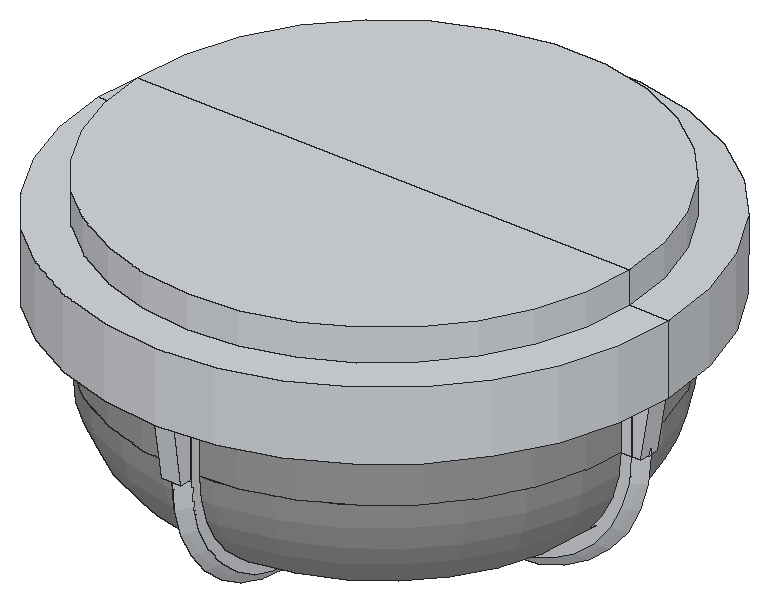
Revit family "O10-S290-E LED 500 AC 830 WH", category Lighting Fixtures, Revit 2016
Family settings
  Part Type = Normal
  Round Connector Dimension = Use Diameter
  OmniClass Number = 23.80.70.00
  OmniClass Title = Lighting
  Work Plane-Based = No
  Always vertical = Yes
  Cut with Voids When Loaded = No
  Light Source = Yes
  Shared = No
  Room Calculation Point = No
Parameters
  Wiring Accessories = ""
  Wattage Comments = ""
  Wattage = 12 W
  VoltageMax = 240 V
  built-in parameter 1150110 = 1 (stored number, unit not read)
  Voltage = 220 V
  UpdateDate = "05.02.2018 18:30:03"
  URL UK = "http://glamox.com/uk/products/O10-S290/items/O10313200"
  URL Sweden = "http://glamox.com/se/produkter/O10-S290/items/O10313200"
  URL Russia = "http://glamox.com/ru/products/O10-S290/items/O10313200"
  URL Other = "http://glamox.com/gsx/products/O10-S290/items/O10313200"
  URL Norway = "http://glamox.com/no/produkter/O10-S290/items/O10313200"
  URL Ireland = "http://glamox.com/ie/products/O10-S290/items/O10313200"
  URL Germany = "http://glamox.com/de/products/O10-S290/items/O10313200"
  URL Finland = "http://glamox.com/fi/products/O10-S290/items/O10313200"
  URL Estonia = "http://glamox.com/ee/products/O10-S290/items/O10313200"
  URL Denmark = "http://glamox.com/dk/produkter/O10-S290/items/O10313200"
  URL = ""
  TypeOfEmergency = ""
  TypeOfBallast = ""
  TotalWattage = 12 W
  Total Load = 12 W
  built-in parameter 1114217 = 1 (stored number, unit not read)
  Top Radius = Radius - 32.5 mm  # 112.5 mm
  Tilt Angle = 90.00°
  Termination = "5x2x2,5 PI"
  built-in parameter 1150109 = 1 (stored number, unit not read)
  built-in parameter 1150134 = (empty or 0)
  built-in parameter 1150113 = 1 (stored number, unit not read)
  Specification = "Outdoor product, in Aluminium, for Surface/Wall mounting, impact classification IK10, IP66, light source LED, lumen out 437lm, ballast type AC, with light source type CRI>80, 3000K, with Polycarbonate diffuser."
  Remark = ""
  RatedVoltage = 220 V
  PowerFactor = 98.00%
  Power Factor = 0.98
  Plug Type = ""
  Photometric Web File = "O10-S290-E-LED-500-830.ies"
  Optic = ""
  Number of Poles = 1
  NominalFrequencyRange = 50 Hz
  ModelReference = "O10-S290"
  ModelLabel = "O10-S290-E LED 500 AC 830 WH"
  Maximum TA = 40
  MaintenanceFactor = 0
  MFArtNo = "O10313200"
  LumDiameter = Diameter  # 290 mm
  Load Classification [instance] = Lighting
  Model = ""
  Manufacturer = "Glamox"
  Lumens = 437 lm
  built-in parameter 1150115 = 1 (stored number, unit not read)
  built-in parameter 1150105 = 34.775 (stored number, unit not read)
  LightFixturePlacingType = "CEILING"
  LightFixtureMountingType = "SURFACE"
  built-in parameter 1150137 = (empty or 0)
  built-in parameter 1150139 = (empty or 0)
  LampBase = ""
  Lamp Wattage Comments = ""
  built-in parameter 1150112 = 1 (stored number, unit not read)
  built-in parameter 1150114 = 1 (stored number, unit not read)
  Lamp = "LED"
  built-in parameter 1150132 = 2
  built-in parameter 1150102 = (empty or 0)
  built-in parameter 1150138 = (empty or 0)
  built-in parameter 1150107 = 3000 (stored number, unit not read)
  built-in parameter 1150106 = 0.34775 (stored number, unit not read)
  IP_Code = "66"
  IPClass = "66"
  IK_Code = ""
  IFC Classification = "Light Fixture"
  Height = 149 mm
  GlobalTradeItemNumber = "4741145295857"
  Glamox Mounting = "Surface"
  Glamox Family = "O10-S290"
  Glamox Category = "Outdoor"
  FrequencyMax = 60 Hz
  Frequency = 50 Hz
  Expired = "0"
  Emit from Circle Diameter = LumDiameter  # 290 mm
  Emit Shape Visible in Rendering = yes
  built-in parameter 1150104 = 3.3832 (stored number, unit not read)
  ELNo Norway = ""
  ELNo Finland = ""
  EANNo = "4741145295857"
  DurationInBatteryMode = ""
  Dimming Lamp Color Temperature Shift = Incandescent Lamp Curve
  Diameter = 290 mm
  Description = "O10-S290-E LED 500 AC 830 WH"
  Cut Out = ""
  Completion = ""
  Color Filter = 16777215
  Radius = Diameter / 2  # 145 mm
  Body Material and Colour = Default
  built-in parameter 1114218 = 1 (stored number, unit not read)
  built-in parameter 1150133 = 10 (stored number, unit not read)
  Assembly Code = ""
  ArticleNumber = "O10313200"
  Apparent Load = Total Load / Power Factor  # 12.2449 VA
  #Ballast = 1
  # ballast on a MCB16 type C fuse = "176"
  # ballast on a MCB16 type B fuse = "130"
Reference planes
  plane 1 "Light Source Axis (F/B)": y = 119.961
  plane 2: z = 0
  plane 3 "Light Source Axis (L/R)": x = 0
  plane 4 "Light Source Elevation": z = -150.079
  plane 5: z = -150.079
  plane 6: x = 145
  plane 7: x = 125
  plane 8: x = 0
  plane 9: y = 0.31
Forms (mm)
  Extrusion 1, solid, material "Default" <- "Body Material and Colour", not visible
    sketch origin (-13.045, 0, -1.079) x (1, 0, 0) y (0, 1, 0)
      loop
        circle (0, 119.961) r 10
    from -1.079 to 0
  Revolve 2, solid
    sketch origin (0, 0, -1.079) x (-1, 0, 0) y (0, 0, -1)
      loop
        arc (-66, 140.079) -> (-107.719, 122.798) -> (-125, 81.079) r 59
        line (-125, 81.079) -> (-125, 51.079) -> (-125, 48.126) -> (-140, 48.126) -> (-140, 51.079) -> (-145, 51.079) -> (-145, 16.079) -> (-125, 16.079) -> (-125, 0) -> (0, 0) -> (0, 140.079) -> (-66, 140.079)
      axis (0, 140.079) -> (0, 0)
    angle from 0 to 360
  Extrusion 3, solid
    sketch origin (0, 0, -1.079) x (-1, 0, 0) y (0, 0, -1)
      loop
        line (-140, 51.079) -> (-125, 51.079) -> (-125, 81.079) -> (-134.828, 81.079) -> (-140, 51.079)
    from -5 to 5
  Extrusion 4, solid
    sketch origin (0, 0, -1.079) x (1, 0, 0) y (0, 0, 1)
      loop
        line (-140, -51.079) -> (-134.916, -81.079) -> (-125, -81.079) -> (-125, -51.079) -> (-140, -51.079)
    from -5 to 5
  Extrusion 5, solid
    sketch origin (0, 0, -1.079) x (0, 1, 0) y (0, 0, -1)
      loop
        line (140, 51.079) -> (135.076, 81.079) -> (125.456, 81.079) -> (125.456, 51.079) -> (140, 51.079)
    from -5.31 to 4.69
  Extrusion 6, solid
    sketch origin (0, 0, -1.079) x (0, -1, 0) y (0, 0, 1)
      loop
        line (140, -51.079) -> (125, -51.079) -> (125, -81.079) -> (135.095, -81.079) -> (140, -51.079)
    from -5 to 5
  Sweep 7, solid
    path origin (0, 0, -1.079) x (-1, 0, 0) y (0, 0, -1)
      loop
        line (-130, 51.079) -> (-130, 81.079)
        arc (-130, 81.079) -> (-110.962, 127.041) -> (-65, 146.079) r 65
        line (-65, 146.079) -> (0, 146.079) -> (64.958, 146.079)
        arc (64.958, 146.079) -> (110.92, 127.041) -> (129.958, 81.079) r 65
        line (129.958, 81.079) -> (129.958, 51.079)
    profile origin (110.962, 0, -128.12) x (0.707107, 0, -0.707107) y (0, -1, 0)
      loop
        line (-5.707, 5) -> (-5.707, -5) -> (0, -5)
        arc (0, -5) -> (3.052, -2.976) -> (5.564, -0.31) r 16
        arc (5.564, -0.31) -> (3.133, 2.528) -> (0.33, 5) r 26.787
        line (0.33, 5) -> (-5.707, 5)
  Sweep 8, solid
    path origin (0.31, 1.234, -1.491) x (0, -1, 0) y (0, 0, -1)
      loop
        line (-130, 51.079) -> (-130, 81.079)
        arc (-130, 81.079) -> (-110.962, 127.041) -> (-65, 146.079) r 65
        line (-65, 146.079) -> (0, 146.079) -> (64.958, 146.079)
        arc (64.958, 146.079) -> (110.92, 127.041) -> (129.958, 81.079) r 65
        line (129.958, 81.079) -> (129.958, 50.667)
    profile origin (0.31, 112.196, -128.532) x (0, 0.707107, -0.707107) y (1, 0, 0)
      loop
        line (-5.707, 5) -> (-5.707, -5) -> (0, -5)
        arc (0, -5) -> (3.052, -2.976) -> (5.564, -0.31) r 16
        arc (5.564, -0.31) -> (3.133, 2.528) -> (0.33, 5) r 26.787
        line (0.33, 5) -> (-5.707, 5)
Lines and regions (mm)
  symbolic lines
    curve 1: circle (0, 0.31, -150.079) r 145 normal (0, 0, -1)
    curve 2: line (0, 0.31, -150.079) -> (102.53, 102.841, -150.079)
    curve 3: line (0, 0.31, -150.079) -> (-102.53, 102.841, -150.079)
    curve 4: line (0, 0.31, -150.079) -> (-102.53, -102.22, -150.079)
    curve 5: line (0, 0.31, -150.079) -> (102.53, -102.22, -150.079)
Dimensions and locks
  "Height": plane 5 to level
  "Radius": plane 6 to plane 8
  aligned and locked: plane 4 "Light Source Elevation" to imposter light
  aligned and locked: plane 1 "Light Source Axis (F/B)" to Extrusion 1 sketch curve
  aligned and locked: Revolve 2 sketch curve to Revolve 2 sketch curve
  aligned and locked: Revolve 2 to Extrusion 3 sketch curve
  aligned and locked: Extrusion 4 sketch curve to Revolve 2  (x2)
  aligned and locked: Sweep 7 sketch curve to Sweep 7 sketch curve
  aligned and locked: Extrusion 4 to Sweep 7 sketch curve
  aligned and locked: Sweep 8 sketch curve to Sweep 8 sketch curve
  aligned and locked: Sweep 7 to Extrusion 4
  aligned and locked: Revolve 2 to Revolve 2
  aligned and locked: plane 5 to imposter light
  aligned and locked: plane 6 to Revolve 2
  aligned and locked: plane 7 to Revolve 2
  aligned and locked: plane 3 "Light Source Axis (L/R)" to plane 8
  aligned and locked: level to Revolve 2 sketch curve
  aligned and locked: plane 4 "Light Source Elevation" to plane 5
  aligned and locked: plane 9 to Sweep 7
  aligned and locked: imposter light to plane 9
Automatic sketch dimensions
  Extrusion 1 sketch curve to plane 3 "Light Source Axis (L/R)" = 13.045 mm
  Revolve 2 sketch curve to plane 6 = 0 mm
  plane 7 to Revolve 2 sketch curve = 0 mm
  Revolve 2 sketch curve to plane 7 = 0 mm
  Revolve 2 sketch curve to plane 3 "Light Source Axis (L/R)" = 0 mm  (x2)
  Revolve 2 sketch curve to plane 6 = 5 mm
  Revolve 2 sketch curve to Revolve 2 sketch curve = 59 mm
  Revolve 2 sketch curve to level = 16.079 mm
  Revolve 2 sketch curve to Revolve 2 sketch curve = 32.047 mm
  Revolve 2 sketch curve to Revolve 2 sketch curve = 2.953 mm  (x2)
  Revolve 2 sketch curve to Revolve 2 sketch curve = 30 mm
  plane 2 to Revolve 2 sketch curve = 28.842 mm
  plane 4 "Light Source Elevation" to Revolve 2 sketch curve = 16.079 mm
  plane 7 to Extrusion 3 sketch curve = 0 mm
  Extrusion 3 sketch curve to Extrusion 3 sketch curve = 9.828 mm
  Extrusion 3 sketch curve to plane 6 = 5 mm
  Extrusion 3 sketch curve to Extrusion 3 sketch curve = 30 mm
  Extrusion 4 sketch curve to Extrusion 4 sketch curve = 5.084 mm
  Extrusion 4 sketch curve to Extrusion 4 sketch curve = 9.916 mm
  Extrusion 4 sketch curve to Extrusion 4 sketch curve = 30 mm
  Extrusion 5 sketch curve to plane 1 "Light Source Axis (F/B)" = 5.495 mm
  Extrusion 5 sketch curve to Extrusion 5 sketch curve = 9.621 mm
  Extrusion 5 sketch curve to Extrusion 5 sketch curve = 14.544 mm
  Extrusion 5 sketch curve to level = 51.079 mm
  Extrusion 5 sketch curve to Extrusion 5 sketch curve = 30 mm
  Extrusion 6 sketch curve to level = 51.079 mm
  Extrusion 6 sketch curve to plane 9 = 125.31 mm
  Extrusion 6 sketch curve to Extrusion 6 sketch curve = 10.095 mm
  Extrusion 6 sketch curve to Extrusion 6 sketch curve = 15 mm
  Extrusion 6 sketch curve to Extrusion 6 sketch curve = 30 mm
  Sweep 7 sketch curve to plane 3 "Light Source Axis (L/R)" = 0 mm
  Sweep 7 sketch curve to plane 7 = 60 mm
  plane 7 to Sweep 7 sketch curve = 5 mm
  Sweep 7 sketch curve to plane 3 "Light Source Axis (L/R)" = 64.958 mm
  Sweep 7 sketch curve to Sweep 7 sketch curve = 65 mm
  Sweep 7 sketch curve to Sweep 7 sketch curve = 30 mm  (x2)
  Sweep 7 sketch curve to profile plane = 0 mm
  profile plane to Sweep 7 sketch curve = 5.707 mm
  Sweep 7 sketch curve to Sweep 7 sketch curve = 1.552 mm
  Sweep 7 sketch curve to Sweep 7 sketch curve = 10.238 mm
  Sweep 7 sketch curve to profile plane = 0.33 mm
  Sweep 7 sketch curve to profile plane = 16.276 mm
  Sweep 7 sketch curve to profile plane = 5 mm
  profile plane to Sweep 7 sketch curve = 5 mm
  Sweep 7 sketch curve to Sweep 7 sketch curve = 4.259 mm
  Sweep 8 sketch curve to plane 1 "Light Source Axis (F/B)" = 11.274 mm
  Sweep 8 sketch curve to plane 4 "Light Source Elevation" = 2.509 mm
  plane 1 "Light Source Axis (F/B)" to Sweep 8 sketch curve = 53.726 mm
  plane 9 to Sweep 8 sketch curve = 0.924 mm
  Sweep 8 sketch curve to plane 9 = 64.034 mm
  Sweep 8 sketch curve to Sweep 8 sketch curve = 65 mm
  Sweep 8 sketch curve to Sweep 8 sketch curve = 30 mm
  Sweep 8 sketch curve to Sweep 8 sketch curve = 30.412 mm
  Sweep 8 sketch curve to profile plane = 0 mm
  profile plane to Sweep 8 sketch curve = 5.707 mm
  Sweep 8 sketch curve to Sweep 8 sketch curve = 1.552 mm
  Sweep 8 sketch curve to Sweep 8 sketch curve = 10.238 mm
  Sweep 8 sketch curve to profile plane = 0.33 mm
  Sweep 8 sketch curve to profile plane = 16.276 mm
  Sweep 8 sketch curve to profile plane = 5 mm
  profile plane to Sweep 8 sketch curve = 5 mm
  Sweep 8 sketch curve to Sweep 8 sketch curve = 4.259 mm
  curve 2 to plane 3 "Light Source Axis (L/R)" = 0 mm
  curve 2 to plane 9 = 0 mm
  curve 1 to plane 3 "Light Source Axis (L/R)" = 0 mm
  curve 1 to plane 9 = 0 mm
  plane 1 "Light Source Axis (F/B)" to curve 3 = 17.12 mm
  plane 1 "Light Source Axis (F/B)" to curve 2 = 17.12 mm
  radius of Extrusion 1 sketch curve = 10 mm
Connectors
  electrical at (-13.045, 119.961, -1.079), driven by "Voltage", driven by "Total Load", driven by "Number of Poles", driven by "Load Classification", driven by "Power Factor"
    settings: on Extrusion 1, index 1, voltage 220 V, apparent load 0 VA, apparent load phase1 12 VA, apparent load phase2 0 VA, apparent load phase3 0 VA, power factor 0.98, load classification "Lighting", number of poles 1, system type 31, power factor state 1, is connector primary yes, connector utility no, sub classification motor no, connector description ""
